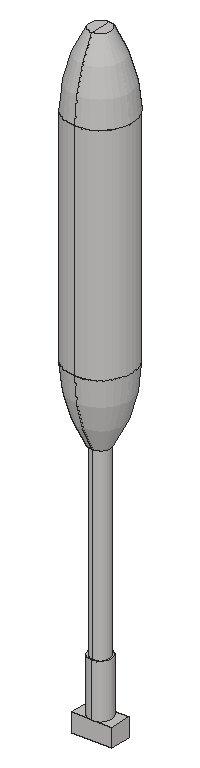
Revit family "Displays_Tensioner_Twist-End", category Generic Models, Revit 2026
Family settings
  Can host rebar = No
  Round Connector Dimension = Use Diameter
  Part Type = Normal
  Classification Number = 23.40.90.11
  Work Plane-Based = Yes
  Always vertical = Yes
  Cut with Voids When Loaded = No
  Maintain Annotation Orientation = No
  Shared = No
  Room Calculation Point = No
Parameters (values of type "As Specified")
  URL = "https://www.ashanging.com/"
  Thickness = 0' - 0.14476"
  Test Data = ""
  Specification = "http://www.arcat.com/sd/clients/ashangin.html?coid=45294"
  Sales Information = "https://www.ashanging.com/en/contacts/"
  Revision = "R1_2017"
  Product Data = "http://www.arcat.com/arcatcos/cos45/arc45245.html"
  Overall Height = 0' - 4 1/8"
  Model = "Twist End Tensioner"
  Manufacturer Website = "https://www.ashanging.com/"
  Manufacturer Phone - Toll Free = "866-935-6998"
  Manufacturer Phone = ""
  Manufacturer Fax = ""
  Manufacturer Address = "8396 State Route 9, West Chazy, NY 12992"
  Manufacturer = "AS Hanging"
  Keynote = "10 14 00"
  Hook = Stainless Steel
  Drawn By = "Sumex Design, Robert S. Weygant"
  Description = "AS Hanging Twist End Tensioner"
  Default Elevation = 4' - 0"
  Copyright = "2017 ARCAT, Inc"
  Construction Details = ""
  Cable Material = Stainless Steel
Reference planes (in)
  plane 1 "Center (Front/Back)": y = 0
  plane 2 "Hook Base": z = 0
  plane 3 "Center (Left/Right)": x = 0
  plane 4: y = 0.07238
  plane 5: y = -0.07238
  plane 6: z = 4.125
  plane 7: z = 1.625
  plane 8 "HookEnd": z = 0.35938
Forms (in)
  Revolve 1, solid, material "Stainless Steel" <- "Hook"
    sketch origin (0, 0, 0) x (0, 1, 0) y (0, 0, 1)
      loop
        line (0, 4.125) -> (0, 1.625) -> (0.07238, 1.625)
        arc (0.07238, 1.625) -> (0.17865, 1.86503) -> (0.215, 2.125) r 0.94777
        line (0.215, 2.125) -> (0.215, 3.625)
        arc (0.215, 3.625) -> (0.17865, 3.88497) -> (0.07238, 4.125) r 0.94777
        line (0.07238, 4.125) -> (0, 4.125)
      axis (0, 4.125) -> (0, 1.625)
    angle from 0 to 360
  Extrusion 2, solid, material "Stainless Steel" <- "Cable Material"
    sketch origin (0, 0, 0.35938) x (0, 1, 0) y (-1, 0, 0)
      loop
        circle (0, 0) r 0.0625
    from 0 to 1.26562
  Extrusion 3, solid, material "Stainless Steel" <- "Hook"
    sketch origin (0, 0, -0.125) x (0, 1, 0) y (-1, 0, 0)
      loop
        line (0.07238, 0.13281) -> (-0.07238, 0.13281) -> (-0.07238, -0.13281) -> (0.07238, -0.13281) -> (0.07238, 0.13281)
    from 0 to 0.125
  Extrusion 4, solid, material "Stainless Steel" <- "Hook"
    sketch origin (0, 0, 0.35937) x (0, 1, 0) y (-1, 0, 0)
      loop
        circle (0, 0) r 0.075
    from 0 to -0.35938
Dimensions and locks (in)
  equal spacing: plane 5, plane 1 "Center (Front/Back)", plane 4
  "Thickness": plane 5 to plane 4
  "Overall Height": plane 6 to level
  locked: plane 6 to plane 7 at 2.5
  locked: plane 8 "HookEnd" to level at 0.35938
  aligned and locked: plane 2 "Hook Base" to level
  aligned and locked: plane 1 "Center (Front/Back)" to Revolve 1 sketch curve
  aligned and locked: Extrusion 2 to plane 8 "HookEnd"
  aligned and locked: plane 7 to Extrusion 2
  aligned and locked: plane 8 "HookEnd" to Extrusion 4
  aligned and locked: Extrusion 3 sketch curve to plane 5
  aligned and locked: plane 4 to Extrusion 3 sketch curve
Automatic sketch dimensions
  Revolve 1 sketch curve to plane 1 "Center (Front/Back)" = 0' - 0"
  Revolve 1 sketch curve to plane 4 = 0' - 0"  (x2)
  Revolve 1 sketch curve to plane 7 = 0' - 0"
  Revolve 1 sketch curve to plane 6 = 0' - 0"
  plane 5 to Revolve 1 sketch curve = 0' - 0.66039"  (x2)
  Revolve 1 sketch curve to plane 4 = 0' - 0.14262"
  Revolve 1 sketch curve to level = 2' - 0"
  plane 6 to Revolve 1 sketch curve = 7' - 3.27586"
  plane 1 "Center (Front/Back)" to Extrusion 2 sketch curve = 0' - 0"
  Extrusion 2 sketch curve to plane 3 "Center (Left/Right)" = 0' - 0"
  plane 1 "Center (Front/Back)" to Extrusion 4 sketch curve = 0' - 0"
  plane 3 "Center (Left/Right)" to Extrusion 4 sketch curve = 0' - 0"
  plane 4 to Extrusion 3 sketch curve = 0' - 0"
  plane 3 "Center (Left/Right)" to Extrusion 3 sketch curve = 0' - 0 17/128"
  Extrusion 3 sketch curve to plane 3 "Center (Left/Right)" = 0' - 0 17/128"
  radius of Extrusion 2 sketch curve = 0' - 0 1/16"
  radius of Extrusion 4 sketch curve = 0' - 0.075"
